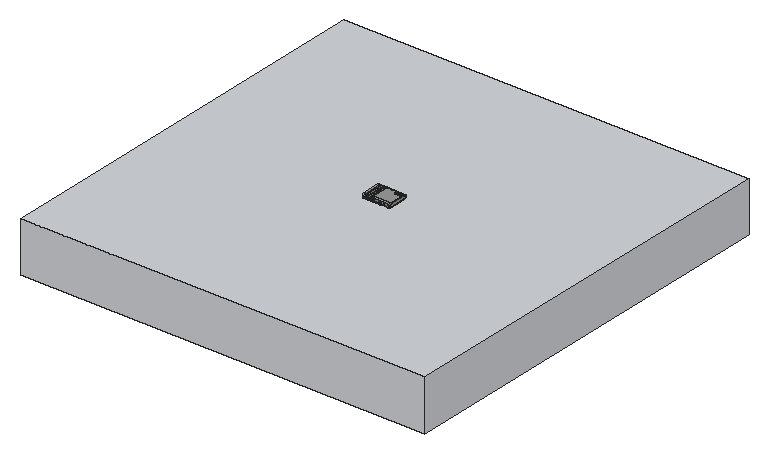
Revit family "Hekatron_Rauchwarnmelder_Genius Port_DE_22.01", category Brandmelder, Revit 2018
Family settings
  Basisbauteil = Fläche
  Beschriftungsausrichtung beibehalten = Ja
  Bemaßung runder Anschluss = Durchmesser verwenden
  Teiletyp = Normal
  OmniClass-Nummer = 23.85.30.21
  OmniClass-Titel = Environmental Detection/Registration
  Beim Laden mit Abzugskörper schneiden = Nein
  Gemeinsam genutzt = Nein
  Raumberechnungspunkt = Nein
Parameters (values of type "Genius Port")
  Zulässige Umgebungstemperatur = "0 °C bis + 55 °C"
  Zulässige Luftgeschwindigkeit = ""
  Zulassungen nach EN 54 = ""
  Width [instance] = 130 mm
  Version des BIM Objektes = "22.01"
  VdS-Anerkennung = ""
  URL = "https://www.hekatron-brandschutz.de"
  UB A&S Artikel Nummer = "31-6000001-01-01"
  Typenkommentare = "Genius Port für Funksystem Genius"
  Tiefe (mm) = "25.0"
  Stromaufnahme = ""
  Schutzart = "IP 20"
  Rauchteil einstellbar = ""
  Nettogewicht (g) = "250.0"
  Montageart = "Aufputz"
  Modell = "Genius Port"
  Material = "PC-ABS/POM"
  Link zum Datenblatt = "https://www.hekatron-planungstools.de/Doku/Bedienungsanleitung%20Genius%20Port_12791280.pdf"
  Link zu ausschreiben.de = "https://www.ausschreiben.de/katalog/Hekatron/position/221"
  Link zu Produktinformation = ""
  Link zu Ausschreibungstext = "https://www.meinhplus.de/login"
  Leistungserklärung (DoP) = ""
  Lautstärke DIN-Ton (dB) = ""
  Kabeleinführung = "seitlich"
  Höhe (mm) = "130.0"
  Hersteller = "Hekatron"
  Heigth [instance] = 160 mm
  Funktionsprinzip = "Funk, LAN/W-LAN"
  Farbe = "RAL 9003 / RAL 9005"
  Ex-Zonen = ""
  Einstellung Temperaturklasse nach EN 54-5 = ""
  Einstellung Temperaturindex nach EN 54-5 = ""
  Einstellung Rauchempfindlichkeit nach EN 54-20 = ""
  Einstellen Rauchempfindlichkeit nach EN 54-7 = ""
  EG-Konformitätszertifikat / Zertifikat der Leistungsbeständigkeit = ""
  Durchmesser (mm) = ""
  Depth [instance] = 26.7 mm
  Vorgabe-Ansicht = 1200 mm
  Breite (mm) = "160.0"
  Betriebsspannung = "5 V DC über Steckernetzteil"
  Beschreibung = "Genius Port zur Vernetzung und Bedienung des Genius Funknetzwerks für zusätzliche Funktionalitäten und Services."
  Bauartgenehmigungen = ""
  Anzahl Ansaugleitungen = ""
  Ansprechtemperatur = ""
  Alarm- & Empfindlichkeitsbereich = ""
Types (2, lengths in mm): name | URL | Typenkommentare | Beschreibung
  (no name) | "www.hekatron-brandschutz.de" | 0 | 0
  Genius Port | "https://www.hekatron-brandschutz.de" | "Genius Port für Funksystem Genius" | "Genius Port zur Vernetzung und Bedienung des Genius Funknetzwerks für zusätzliche Funktionalitäten und Services."
Values of the unnamed type that differ from the named types
  Zulässige Umgebungstemperatur = ""
  Version des BIM Objektes = ""
  UB A&S Artikel Nummer = ""
  Tiefe (mm) = ""
  Schutzart = ""
  Nettogewicht (g) = ""
  Montageart = ""
  Material = ""
  Link zum Datenblatt = ""
  Link zu ausschreiben.de = ""
  Link zu Ausschreibungstext = ""
  Kabeleinführung = ""
  Höhe (mm) = ""
  Funktionsprinzip = ""
  Farbe = ""
  Breite (mm) = ""
  Betriebsspannung = ""
Reference planes
  plane 1 "Center (Front/Back)": y = 0
  plane 2: z = 0
  plane 3 "Center (Left/Right)": x = 0
Forms (mm)
  Extrusion 1, solid
    sketch origin (0, 0, 0) x (1, 0, 0) y (0, 1, 0)
      loop
        line (-1219.2, 1219.2) -> (-1219.2, -1219.2) -> (1219.2, -1219.2) -> (1219.2, 1219.2) -> (-1219.2, 1219.2)
    from 0 to -304.8
  Extrusion 2, solid, material "PC/ABS Plastic, RAL 9003"
    sketch origin (99.607, 0, 0) x (0, -1, 0) y (0, 0, 1)
      loop
        arc (-52.3, 26.7) -> (-65, 14) -> (-52.3, 1.3) r 12.7
        line (-52.3, 1.3) -> (52.3, 1.3)
        arc (52.3, 1.3) -> (65, 14) -> (52.3, 26.7) r 12.7
        line (52.3, 26.7) -> (-52.3, 26.7)
    from 19.607 to 129.107
  Extrusion 3, void
    sketch origin (0, 0, 0) x (1, 0, 0) y (0, 1, 0)
      loop
        spline (-18.827, -61.065) -> (-19.627, -61.073) -> (-20.193, -61.093) -> (-20.635, -61.118) -> (-21.041, -61.155) -> (-21.421, -61.218) -> (-21.808, -61.314) -> (-22.2, -61.462) -> (-22.572, -61.666) -> (-22.916, -61.918) -> (-23.214, -62.194) -> (-23.517, -62.539) -> (-24.267, -63.61)
        line (-24.267, -63.61) -> (-25.07, -65) -> (75.57, -65) -> (74.767, -63.61)
        spline (74.767, -63.61) -> (74.017, -62.539) -> (73.714, -62.194) -> (73.416, -61.918) -> (73.072, -61.666) -> (72.7, -61.462) -> (72.308, -61.314) -> (71.921, -61.218) -> (71.541, -61.155) -> (71.134, -61.118) -> (70.693, -61.093) -> (70.127, -61.073) -> (69.327, -61.065)
        line (69.327, -61.065) -> (-18.827, -61.065)
    from 1.3 to 26.7
  Revolve 4, solid, material "PC/ABS Plastic, RAL 9003"
    sketch origin (72.7, 0, 0) x (0, 1, 0) y (0, 0, 1)
      loop
        arc (40.427, 0) -> (42.214, 0.402) -> (43.809, 1.3) r 6.301
        line (43.809, 1.3) -> (40.427, 1.3) -> (40.427, 0)
      axis (40.427, 0) -> (40.427, 1.3)
    angle from 0 to 360
  Extrusion 5, solid, material "POM Acetal Plastic, RAL 9005"
    sketch origin (99.607, 0, 0) x (0, -1, 0) y (0, 0, 1)
      loop
        arc (-52.3, 25.2) -> (-63.5, 14) -> (-52.3, 2.8) r 11.2
        line (-52.3, 2.8) -> (52.3, 2.8)
        arc (52.3, 2.8) -> (63.5, 14) -> (52.3, 25.2) r 11.2
        line (52.3, 25.2) -> (-52.3, 25.2)
    from 129.107 to 141.107
  Extrusion 6, solid, material "POM Acetal Plastic, RAL 9005"
    sketch origin (19.607, 0, 0) x (0, -1, 0) y (0, 0, 1)
      loop
        arc (-52.3, 25.2) -> (-63.5, 14) -> (-52.3, 2.8) r 11.2
        line (-52.3, 2.8) -> (52.3, 2.8)
        arc (52.3, 2.8) -> (63.5, 14) -> (52.3, 25.2) r 11.2
        line (52.3, 25.2) -> (-52.3, 25.2)
    from 63.607 to 75.607
  Extrusion 7, solid, material "POM Acetal Plastic, RAL 9005"
    sketch origin (-40.393, 0, 0) x (0, -1, 0) y (0, 0, 1)
      loop
        arc (-52.3, 25.2) -> (-63.5, 14) -> (-52.3, 2.8) r 11.2
        line (-52.3, 2.8) -> (52.3, 2.8)
        arc (52.3, 2.8) -> (63.5, 14) -> (52.3, 25.2) r 11.2
        line (52.3, 25.2) -> (-52.3, 25.2)
    from 18.107 to 30.107
  Extrusion 8, solid, material "PC/ABS Plastic, RAL 9003"
    sketch origin (-85.393, 0, 0) x (0, -1, 0) y (0, 0, 1)
      loop
        arc (-52.3, 26.7) -> (-65, 14) -> (-52.3, 1.3) r 12.7
        line (-52.3, 1.3) -> (52.3, 1.3)
        arc (52.3, 1.3) -> (65, 14) -> (52.3, 26.7) r 12.7
        line (52.3, 26.7) -> (-52.3, 26.7)
    from -14.893 to -5.393
  Extrusion 9, solid, material "PC/ABS Plastic, RAL 9003"
    sketch origin (-127.847, 0, 0) x (0, -1, 0) y (0, 0, 1)
      loop
        arc (-52.3, 26.7) -> (-65, 14) -> (-52.3, 1.3) r 12.7
        line (-52.3, 1.3) -> (52.3, 1.3)
        arc (52.3, 1.3) -> (65, 14) -> (52.3, 26.7) r 12.7
        line (52.3, 26.7) -> (-52.3, 26.7)
    from -71.847 to -69.347
  Extrusion 10, solid, material "PC/ABS Plastic, RAL 9003"
    sketch origin (-113.347, 0, 0) x (0, -1, 0) y (0, 0, 1)
      loop
        arc (-52.3, 26.7) -> (-65, 14) -> (-52.3, 1.3) r 12.7
        line (-52.3, 1.3) -> (52.3, 1.3)
        arc (52.3, 1.3) -> (65, 14) -> (52.3, 26.7) r 12.7
        line (52.3, 26.7) -> (-52.3, 26.7)
    from -71.847 to -69.347
  Extrusion 11, solid, material "POM Acetal Plastic, RAL 9005"
    sketch origin (0, 0, 0) x (1, 0, 0) y (0, 1, 0)
      loop
        line (38.551, 38.119) -> (37.467, 38.119) -> (37.467, 34.053) -> (38.551, 34.053) -> (38.551, 35.795) -> (39.832, 35.795) -> (39.832, 34.053) -> (40.915, 34.053) -> (40.915, 38.119) -> (39.832, 38.119) -> (39.832, 36.563) -> (38.551, 36.563) -> (38.551, 38.119)
      loop
        line (41.819, 38.119) -> (41.819, 34.053) -> (44.748, 34.053) -> (44.748, 34.853) -> (42.902, 34.853) -> (42.902, 35.719) -> (44.585, 35.719) -> (44.585, 36.519) -> (42.902, 36.519) -> (42.902, 37.319) -> (44.684, 37.319) -> (44.684, 38.119) -> (41.819, 38.119)
      loop
        line (46.665, 38.119) -> (45.582, 38.119) -> (45.582, 34.053) -> (46.665, 34.053) -> (46.677, 35.899) -> (47.94, 34.053) -> (49.321, 34.053) -> (47.702, 36.226) -> (49.204, 38.119) -> (47.9, 38.119) -> (46.665, 36.459) -> (46.665, 38.119)
      loop
        line (50.999, 38.119) -> (49.455, 34.053) -> (50.556, 34.053) -> (50.876, 34.921) -> (52.402, 34.921) -> (52.705, 34.053) -> (53.894, 34.053) -> (52.327, 38.119) -> (50.999, 38.119)
      loop
        line (51.127, 35.69) -> (52.146, 35.69) -> (51.657, 37.298) -> (51.127, 35.69)
      loop
        line (56.87, 38.119) -> (53.783, 38.119) -> (53.783, 37.315) -> (54.785, 37.315) -> (54.785, 34.053) -> (55.868, 34.053) -> (55.868, 37.315) -> (56.87, 37.315) -> (56.87, 38.119)
      loop
        line (57.412, 34.053) -> (58.495, 34.053) -> (58.495, 35.661) -> (59.295, 35.661) -> (59.718, 34.053) -> (60.848, 34.053) -> (60.161, 35.974)
        arc (60.161, 35.974) -> (60.686, 37.27) -> (59.574, 38.119) r 1.153
        line (59.574, 38.119) -> (57.412, 38.119) -> (57.412, 34.053)
      loop
        line (58.495, 36.429) -> (59.295, 36.429)
        arc (59.295, 36.429) -> (59.755, 36.89) -> (59.295, 37.35) r 0.46
        line (59.295, 37.35) -> (58.495, 37.35) -> (58.495, 36.429)
      loop
        circle (63.413, 36.107) r 2.199
      loop
        circle (63.413, 36.107) r 1.999
      loop
        circle (63.413, 36.107) r 1.799
      loop
        circle (63.413, 36.107) r 1.599
      loop
        circle (63.413, 36.107) r 1.399
      loop
        circle (63.413, 36.107) r 1.199
      loop
        circle (63.413, 36.107) r 0.999
      loop
        circle (63.413, 36.107) r 0.799
      loop
        circle (63.413, 36.107) r 0.599
      loop
        circle (63.413, 36.107) r 0.399
      loop
        line (67.502, 38.119) -> (66.122, 38.119) -> (66.122, 34.053) -> (67.118, 34.053) -> (67.094, 36.831) -> (68.516, 34.053) -> (69.861, 34.053) -> (69.861, 38.119) -> (68.871, 38.119) -> (68.877, 35.358) -> (67.502, 38.119)
    from 26.7 to 27.2
  Revolve 12, solid, material "POM Acetal Plastic, RAL 9005"
    sketch origin (-0.575, 50, 0) x (1, 0, 0) y (0, 0, 1)
      loop
        arc (-78.2, 19.5) -> (-78.799, 16.779) -> (-79, 14) r 19.306
        line (-79, 14) -> (-78.2, 14) -> (-78.2, 19.5)
      axis (-78.2, 14) -> (-79.2, 14)
    angle from 0 to 360
  Blend 13, void
    base sketch origin (0, 0, 0) x (0, 1, 0) y (0, 0, -1)
      loop
        arc (52.3, -24.7) -> (63, -14) -> (52.3, -3.3) r 10.7
        line (52.3, -3.3) -> (-52.3, -3.3)
        arc (-52.3, -3.3) -> (-63, -14) -> (-52.3, -24.7) r 10.7
        line (-52.3, -24.7) -> (52.3, -24.7)
    top sketch origin (0, 0, 0) x (0, 1, 0) y (0, 0, -1)
      loop
        arc (52.3, -20.6) -> (58.9, -14) -> (52.3, -7.4) r 6.6
        line (52.3, -7.4) -> (-52.3, -7.4)
        arc (-52.3, -7.4) -> (-58.9, -14) -> (-52.3, -20.6) r 6.6
        line (-52.3, -20.6) -> (52.3, -20.6)
    from -80 to -78.275
  Blend 14, void
    base sketch origin (0, 0, 0) x (0, 1, 0) y (0, 0, 1)
      loop
        line (52.3, 24.7) -> (-52.3, 24.7)
        arc (-52.3, 24.7) -> (-63, 14) -> (-52.3, 3.3) r 10.7
        line (-52.3, 3.3) -> (52.3, 3.3)
        arc (52.3, 3.3) -> (63, 14) -> (52.3, 24.7) r 10.7
    top sketch origin (0, 0, 0) x (0, 1, 0) y (0, 0, 1)
      loop
        line (52.3, 20.6) -> (-52.3, 20.6)
        arc (-52.3, 20.6) -> (-58.9, 14) -> (-52.3, 7.4) r 6.6
        line (-52.3, 7.4) -> (52.3, 7.4)
        arc (52.3, 7.4) -> (58.9, 14) -> (52.3, 20.6) r 6.6
    from -80 to -78.275
  Extrusion 15, solid, material "POM Acetal Plastic, RAL 9005"
    sketch origin (0, 0, 0) x (0, 1, 0) y (0, 0, 1)
      loop
        arc (-52.3, 20.6) -> (-58.9, 14) -> (-52.3, 7.4) r 6.6
        line (-52.3, 7.4) -> (52.3, 7.4)
        arc (52.3, 7.4) -> (58.9, 14) -> (52.3, 20.6) r 6.6
        line (52.3, 20.6) -> (-52.3, 20.6)
    from 78.275 to 78.775
  Extrusion 16, solid, material "POM Acetal Plastic, RAL 9005"
    sketch origin (0, 0, 0) x (0, 1, 0) y (0, 0, -1)
      loop
        line (-52.3, -20.6) -> (52.3, -20.6)
        arc (52.3, -20.6) -> (58.9, -14) -> (52.3, -7.4) r 6.6
        line (52.3, -7.4) -> (-52.3, -7.4)
        arc (-52.3, -7.4) -> (-58.9, -14) -> (-52.3, -20.6) r 6.6
    from 78.275 to 78.775
  Revolve 17, solid, material "PC/ABS Plastic, RAL 9003"
    sketch origin (72.7, -80.854, 0) x (0, 1, 0) y (0, 0, 1)
      loop
        arc (40.427, 0) -> (42.214, 0.402) -> (43.809, 1.3) r 6.301
        line (43.809, 1.3) -> (40.427, 1.3) -> (40.427, 0)
      axis (40.427, 0) -> (40.427, 1.3)
    angle from 0 to 360
  Revolve 18, solid, material "PC/ABS Plastic, RAL 9003"
    sketch origin (-75.25, 0, 0) x (0, 1, 0) y (0, 0, 1)
      loop
        arc (40.427, 0) -> (42.214, 0.402) -> (43.809, 1.3) r 6.301
        line (43.809, 1.3) -> (40.427, 1.3) -> (40.427, 0)
      axis (40.427, 0) -> (40.427, 1.3)
    angle from 0 to 360
  Revolve 19, solid, material "PC/ABS Plastic, RAL 9003"
    sketch origin (-75.25, -80.854, 0) x (0, 1, 0) y (0, 0, 1)
      loop
        arc (40.427, 0) -> (42.214, 0.402) -> (43.809, 1.3) r 6.301
        line (43.809, 1.3) -> (40.427, 1.3) -> (40.427, 0)
      axis (40.427, 0) -> (40.427, 1.3)
    angle from 0 to 360
  Extrusion 20, void
    sketch origin (0, 0, 0) x (1, 0, 0) y (0, 0, 1)
      loop
        line (-11.369, 11.531) -> (4.053, 11.531) -> (4.053, 19.077) -> (-11.369, 19.077) -> (-11.369, 11.531)
      loop
        line (16.245, 5.577) -> (33.246, 5.577) -> (33.246, 19.077) -> (16.245, 19.077) -> (16.245, 5.577)
      loop
        circle (51.306, 12.668) r 3.2
    from 57.6 to 61.6
  Extrusion 21, solid, material "POM Acetal Plastic, RAL 9005"
    sketch origin (0, 0, 0) x (1, 0, 0) y (0, 0, 1)
      loop
        line (-18.69, 21.986) -> (-18.69, 6.014)
        arc (-18.69, 6.014) -> (-18.397, 5.307) -> (-17.69, 5.014) r 1
        line (-17.69, 5.014) -> (68.31, 5.014)
        arc (68.31, 5.014) -> (69.017, 5.307) -> (69.31, 6.014) r 1
        line (69.31, 6.014) -> (69.31, 21.986)
        arc (69.31, 21.986) -> (69.017, 22.693) -> (68.31, 22.986) r 1
        line (68.31, 22.986) -> (-17.69, 22.986)
        arc (-17.69, 22.986) -> (-18.397, 22.693) -> (-18.69, 21.986) r 1
    from 61.065 to 61.6
Cuts and joins
  Extrusion 3, Blend 13, Blend 14, Extrusion 20 cuts Extrusion 2
  Blend 13, Blend 14 cuts Extrusion 8
  Blend 13 cuts Revolve 12
  Extrusion 20 cuts Extrusion 21
Dimensions and locks
  "Heigth": cut or joined group of Extrusion 8, Blend 13, Blend 14 to cut or joined group of Extrusion 2, Extrusion 3, Blend 13, Blend 14, Extrusion 20
  "Depth": cut or joined group of Extrusion 8, Blend 13, Blend 14 to Extrusion 1
  "Width": cut or joined group of Extrusion 8, Blend 13, Blend 14 to cut or joined group of Extrusion 8, Blend 13, Blend 14
  aligned and locked: plane 2 to Extrusion 1
  aligned and locked: level to Extrusion 1
Automatic sketch dimensions
  Extrusion 1 sketch curve to Extrusion 1 sketch curve = 2438.4 mm  (x2)
  level to Extrusion 2 sketch curve = 26.7 mm
  Extrusion 2 sketch curve to plane 1 "Center (Front/Back)" = 52.3 mm
  plane 1 "Center (Front/Back)" to Extrusion 2 sketch curve = 52.3 mm
  Extrusion 2 sketch curve to Extrusion 2 sketch curve = 12.7 mm
  Extrusion 3 sketch curve to plane 3 "Center (Left/Right)" = 25.07 mm
  Extrusion 3 sketch curve to Extrusion 3 sketch curve = 0.803 mm  (x2)
  Extrusion 3 sketch curve to Extrusion 3 sketch curve = 5.44 mm  (x2)
  plane 3 "Center (Left/Right)" to Extrusion 3 sketch curve = 69.327 mm
  plane 1 "Center (Front/Back)" to Extrusion 3 sketch curve = 65 mm
  Extrusion 3 sketch curve to Extrusion 3 sketch curve = 1.39 mm  (x2)
  Extrusion 3 sketch curve to Extrusion 3 sketch curve = 2.545 mm
  Revolve 4 sketch curve to level = 0 mm  (x2)
  level to Revolve 4 sketch curve = 6.283 mm
  Revolve 4 sketch curve to plane 1 "Center (Front/Back)" = 39.953 mm
  level to Revolve 4 sketch curve = 1.3 mm
  Revolve 4 sketch curve to Revolve 4 sketch curve = 0.474 mm
  Revolve 4 sketch curve to Revolve 4 sketch curve = 0 mm
  Revolve 4 sketch curve to Revolve 4 sketch curve = 1.238 mm
  level to Extrusion 5 sketch curve = 2.8 mm
  Extrusion 5 sketch curve to plane 1 "Center (Front/Back)" = 52.3 mm
  plane 1 "Center (Front/Back)" to Extrusion 5 sketch curve = 52.3 mm
  Extrusion 5 sketch curve to Extrusion 5 sketch curve = 11.2 mm
  level to Extrusion 6 sketch curve = 2.8 mm
  Extrusion 6 sketch curve to plane 1 "Center (Front/Back)" = 52.3 mm
  plane 1 "Center (Front/Back)" to Extrusion 6 sketch curve = 52.3 mm
  Extrusion 6 sketch curve to Extrusion 6 sketch curve = 11.2 mm
  level to Extrusion 7 sketch curve = 2.8 mm
  Extrusion 7 sketch curve to plane 1 "Center (Front/Back)" = 52.3 mm
  plane 1 "Center (Front/Back)" to Extrusion 7 sketch curve = 52.3 mm
  Extrusion 7 sketch curve to Extrusion 7 sketch curve = 11.2 mm
  level to Extrusion 8 sketch curve = 26.7 mm
  Extrusion 8 sketch curve to plane 1 "Center (Front/Back)" = 52.3 mm
  plane 1 "Center (Front/Back)" to Extrusion 8 sketch curve = 52.3 mm
  Extrusion 8 sketch curve to Extrusion 8 sketch curve = 12.7 mm
  level to Extrusion 9 sketch curve = 26.7 mm
  Extrusion 9 sketch curve to plane 1 "Center (Front/Back)" = 52.3 mm
  plane 1 "Center (Front/Back)" to Extrusion 9 sketch curve = 52.3 mm
  Extrusion 9 sketch curve to Extrusion 9 sketch curve = 12.7 mm
  level to Extrusion 10 sketch curve = 26.7 mm
  Extrusion 10 sketch curve to plane 1 "Center (Front/Back)" = 52.3 mm
  plane 1 "Center (Front/Back)" to Extrusion 10 sketch curve = 52.3 mm
  Extrusion 10 sketch curve to Extrusion 10 sketch curve = 12.7 mm
  Extrusion 11 sketch curve to Extrusion 11 sketch curve = 0 mm  (x102)
  plane 3 "Center (Left/Right)" to Extrusion 11 sketch curve = 37.467 mm
  Extrusion 11 sketch curve to Extrusion 11 sketch curve = 1.083 mm  (x9)
  Extrusion 11 sketch curve to Extrusion 11 sketch curve = 1.281 mm
  Extrusion 11 sketch curve to Extrusion 11 sketch curve = 0.903 mm
  Extrusion 11 sketch curve to Extrusion 11 sketch curve = 1.683 mm
  Extrusion 11 sketch curve to Extrusion 11 sketch curve = 0.099 mm
  Extrusion 11 sketch curve to Extrusion 11 sketch curve = 0.163 mm
  Extrusion 11 sketch curve to Extrusion 11 sketch curve = 0.897 mm
  Extrusion 11 sketch curve to Extrusion 11 sketch curve = 0.012 mm
  Extrusion 11 sketch curve to Extrusion 11 sketch curve = 1.037 mm
  Extrusion 11 sketch curve to Extrusion 11 sketch curve = 1.235 mm
  Extrusion 11 sketch curve to Extrusion 11 sketch curve = 1.276 mm
  Extrusion 11 sketch curve to Extrusion 11 sketch curve = 1.305 mm  (x3)
  Extrusion 11 sketch curve to Extrusion 11 sketch curve = 1.38 mm
  Extrusion 11 sketch curve to Extrusion 11 sketch curve = 0.134 mm
  Extrusion 11 sketch curve to Extrusion 11 sketch curve = 1.101 mm
  Extrusion 11 sketch curve to Extrusion 11 sketch curve = 0.32 mm
  Extrusion 11 sketch curve to Extrusion 11 sketch curve = 1.794 mm
  Extrusion 11 sketch curve to Extrusion 11 sketch curve = 0.25 mm
  Extrusion 11 sketch curve to Extrusion 11 sketch curve = 0.658 mm
  Extrusion 11 sketch curve to Extrusion 11 sketch curve = 1.019 mm
  Extrusion 11 sketch curve to Extrusion 11 sketch curve = 0.67 mm
  Extrusion 11 sketch curve to Extrusion 11 sketch curve = 0.256 mm
  Extrusion 11 sketch curve to Extrusion 11 sketch curve = 0.303 mm
  Extrusion 11 sketch curve to Extrusion 11 sketch curve = 1.457 mm
  Extrusion 11 sketch curve to Extrusion 11 sketch curve = 1.188 mm
  Extrusion 11 sketch curve to Extrusion 11 sketch curve = 1.002 mm  (x2)
  Extrusion 11 sketch curve to Extrusion 11 sketch curve = 1.543 mm
  Extrusion 11 sketch curve to Extrusion 11 sketch curve = 0.8 mm  (x6)
  Extrusion 11 sketch curve to Extrusion 11 sketch curve = 0.278 mm
  Extrusion 11 sketch curve to Extrusion 11 sketch curve = 1.223 mm
  Extrusion 11 sketch curve to plane 1 "Center (Front/Back)" = 35.974 mm
  Extrusion 11 sketch curve to Extrusion 11 sketch curve = 0.866 mm  (x2)
  Extrusion 11 sketch curve to Extrusion 11 sketch curve = 1.13 mm
  Extrusion 11 sketch curve to Extrusion 11 sketch curve = 3.252 mm
  Extrusion 11 sketch curve to Extrusion 11 sketch curve = 2.709 mm
  Extrusion 11 sketch curve to Extrusion 11 sketch curve = 0.973 mm
  Extrusion 11 sketch curve to Extrusion 11 sketch curve = 0.996 mm
  Extrusion 11 sketch curve to Extrusion 11 sketch curve = 0.408 mm
  Extrusion 11 sketch curve to Extrusion 11 sketch curve = 1.398 mm
  Extrusion 11 sketch curve to Extrusion 11 sketch curve = 1.369 mm
  Extrusion 11 sketch curve to Extrusion 11 sketch curve = 0.361 mm
  Extrusion 11 sketch curve to Extrusion 11 sketch curve = 1.346 mm
  Extrusion 11 sketch curve to Extrusion 11 sketch curve = 0.074 mm
  Extrusion 11 sketch curve to Extrusion 11 sketch curve = 0.105 mm
  Extrusion 11 sketch curve to Extrusion 11 sketch curve = 0.076 mm  (x2)
  Extrusion 11 sketch curve to Extrusion 11 sketch curve = 0.21 mm
  Extrusion 11 sketch curve to Extrusion 11 sketch curve = 0.313 mm
  Extrusion 11 sketch curve to Extrusion 11 sketch curve = 0.616 mm
  Extrusion 11 sketch curve to Extrusion 11 sketch curve = 0.769 mm  (x3)
  Extrusion 11 sketch curve to Extrusion 11 sketch curve = 0.868 mm  (x2)
  Extrusion 11 sketch curve to Extrusion 11 sketch curve = 1.742 mm
  Extrusion 11 sketch curve to Extrusion 11 sketch curve = 1.921 mm
  Extrusion 11 sketch curve to Extrusion 11 sketch curve = 1.608 mm  (x2)
  Extrusion 11 sketch curve to Extrusion 11 sketch curve = 0.133 mm
  Extrusion 11 sketch curve to Extrusion 11 sketch curve = 0.326 mm
  Extrusion 11 sketch curve to Extrusion 11 sketch curve = 0.559 mm
  Extrusion 11 sketch curve to Extrusion 11 sketch curve = 1.474 mm
  Extrusion 11 sketch curve to Extrusion 11 sketch curve = 0.46 mm
  Extrusion 11 sketch curve to Extrusion 11 sketch curve = 0.804 mm  (x2)
  Extrusion 11 sketch curve to Extrusion 11 sketch curve = 0.82 mm
  Extrusion 11 sketch curve to Extrusion 11 sketch curve = 1.287 mm
  Extrusion 11 sketch curve to Extrusion 11 sketch curve = 1.555 mm
  level to Revolve 12 sketch curve = 14 mm
  Revolve 12 sketch curve to plane 3 "Center (Left/Right)" = 79.575 mm
  Revolve 12 sketch curve to Revolve 12 sketch curve = 0.8 mm
  Revolve 12 sketch curve to Revolve 12 sketch curve = 18.506 mm
  Revolve 12 sketch curve to Revolve 12 sketch curve = 1.68 mm
  Revolve 12 sketch curve to Revolve 12 sketch curve = 0 mm  (x2)
  level to Blend 13 sketch curve = 3.3 mm
  plane 1 "Center (Front/Back)" to Blend 13 sketch curve = 52.3 mm  (x2)
  Blend 13 sketch curve to plane 1 "Center (Front/Back)" = 52.3 mm  (x2)
  Blend 13 sketch curve to Blend 13 sketch curve = 10.7 mm
  level to Blend 13 sketch curve = 7.4 mm
  Blend 13 sketch curve to Blend 13 sketch curve = 6.6 mm
  level to Blend 14 sketch curve = 3.3 mm
  plane 1 "Center (Front/Back)" to Blend 14 sketch curve = 52.3 mm  (x2)
  Blend 14 sketch curve to plane 1 "Center (Front/Back)" = 52.3 mm  (x2)
  Blend 14 sketch curve to Blend 14 sketch curve = 10.7 mm
  level to Blend 14 sketch curve = 7.4 mm
  Blend 14 sketch curve to Blend 14 sketch curve = 6.6 mm
  level to Extrusion 15 sketch curve = 20.6 mm
  plane 1 "Center (Front/Back)" to Extrusion 15 sketch curve = 52.3 mm
  level to Extrusion 15 sketch curve = 14 mm
  Extrusion 15 sketch curve to plane 1 "Center (Front/Back)" = 52.3 mm
  level to Extrusion 16 sketch curve = 20.6 mm
  plane 1 "Center (Front/Back)" to Extrusion 16 sketch curve = 52.3 mm
  level to Extrusion 16 sketch curve = 14 mm
  Extrusion 16 sketch curve to plane 1 "Center (Front/Back)" = 52.3 mm
  Revolve 17 sketch curve to level = 0 mm  (x2)
  level to Revolve 17 sketch curve = 6.283 mm
  plane 1 "Center (Front/Back)" to Revolve 17 sketch curve = 40.901 mm
  level to Revolve 17 sketch curve = 1.3 mm
  Revolve 17 sketch curve to Revolve 17 sketch curve = 0.474 mm
  Revolve 17 sketch curve to Revolve 17 sketch curve = 0 mm
  Revolve 17 sketch curve to Revolve 17 sketch curve = 1.238 mm
  Revolve 18 sketch curve to level = 0 mm  (x2)
  level to Revolve 18 sketch curve = 6.283 mm
  Revolve 18 sketch curve to plane 1 "Center (Front/Back)" = 39.953 mm
  level to Revolve 18 sketch curve = 1.3 mm
  Revolve 18 sketch curve to Revolve 18 sketch curve = 0.474 mm
  Revolve 18 sketch curve to Revolve 18 sketch curve = 0 mm
  Revolve 18 sketch curve to Revolve 18 sketch curve = 1.238 mm
  Revolve 19 sketch curve to level = 0 mm  (x2)
  level to Revolve 19 sketch curve = 6.283 mm
  plane 1 "Center (Front/Back)" to Revolve 19 sketch curve = 40.901 mm
  level to Revolve 19 sketch curve = 1.3 mm
  Revolve 19 sketch curve to Revolve 19 sketch curve = 0.474 mm
  Revolve 19 sketch curve to Revolve 19 sketch curve = 0 mm
  Revolve 19 sketch curve to Revolve 19 sketch curve = 1.238 mm
  Extrusion 20 sketch curve to plane 3 "Center (Left/Right)" = 11.369 mm
  plane 3 "Center (Left/Right)" to Extrusion 20 sketch curve = 4.053 mm
  level to Extrusion 20 sketch curve = 5.577 mm
  Extrusion 20 sketch curve to Extrusion 20 sketch curve = 12.192 mm
  Extrusion 20 sketch curve to Extrusion 20 sketch curve = 17 mm
  Extrusion 20 sketch curve to Extrusion 20 sketch curve = 18.06 mm
  level to Extrusion 20 sketch curve = 11.531 mm
  level to Extrusion 20 sketch curve = 12.668 mm
  Extrusion 20 sketch curve to Extrusion 20 sketch curve = 7.545 mm
  Extrusion 20 sketch curve to Extrusion 20 sketch curve = 0 mm
  Extrusion 21 sketch curve to plane 3 "Center (Left/Right)" = 18.69 mm
  Extrusion 21 sketch curve to Extrusion 21 sketch curve = 1 mm  (x3)
  level to Extrusion 21 sketch curve = 22.986 mm
  plane 3 "Center (Left/Right)" to Extrusion 21 sketch curve = 68.31 mm
  level to Extrusion 21 sketch curve = 6.014 mm
  Extrusion 21 sketch curve to Extrusion 21 sketch curve = 0 mm  (x3)
  radius of Extrusion 11 sketch curve = 2.199 mm
  radius of Extrusion 11 sketch curve = 1.999 mm
  radius of Extrusion 11 sketch curve = 1.799 mm
  radius of Extrusion 11 sketch curve = 1.599 mm
  radius of Extrusion 11 sketch curve = 1.399 mm
  radius of Extrusion 11 sketch curve = 1.199 mm
  radius of Extrusion 11 sketch curve = 0.999 mm
  radius of Extrusion 11 sketch curve = 0.799 mm
  radius of Extrusion 11 sketch curve = 0.599 mm
  radius of Extrusion 11 sketch curve = 0.399 mm
  radius of Extrusion 20 sketch curve = 3.2 mm
Connectors
  electrical at (0, 0, 0)
    settings: index 1, voltage 0 V, apparent load 0 VA, apparent load phase1 0 VA, apparent load phase2 0 VA, apparent load phase3 0 VA, power factor 1, load classification "Other", number of poles 1, system type 11, power factor state 1, is connector primary yes, connector utility no, sub classification motor no, connector description ""
